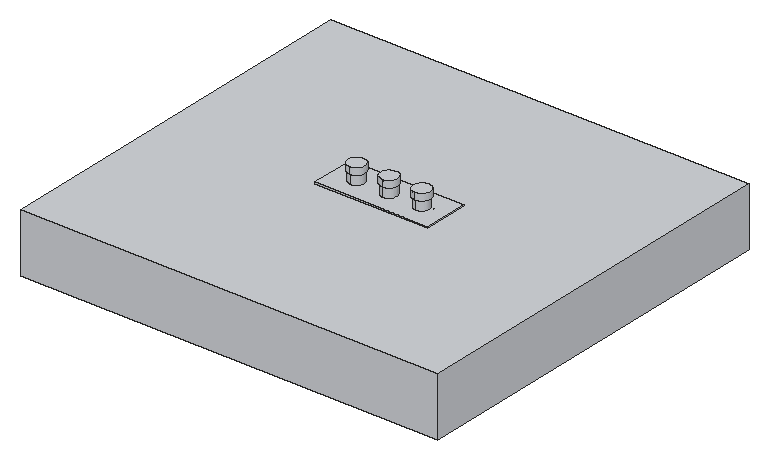
Revit family "M_Conexão de entrada do corpo de bombeiros - 3 vias - Placa nivelada", category Equipamento mecânico, Revit 2019
Family settings
  Hospedeiro = Face
  Cota do conector redondo = Usar raio
  Tipo de parte = Normal
  Número OmniClass = 23.65.70.17.14
  Título OmniClass = Water Fire Fighting Terminals
  ID de item do Seek = Fire Department Inlet Connection - 3 Way - Flush Plate-0000-CAN-ENU
  Corte com vazios quando carregada = Não
  Compartilhado = Não
  Ponto de cálculo do ambiente = Não
Parameters (values of type "65 mmx65 mmx65 mm")
  Raio nominal = 32.5 mm
  Diâmetro nominal = Raio nominal * 2  # 65 mm
  Material da placa de conexão de entrada = none
  Elevação-padrão = 700 mm
Reference planes
  plane 1 "Centro (Frente/Trás)": y = 0
  plane 2: z = 0
  plane 3 "Centro (Esquerda/Direita)": x = 0
  plane 4: z = 6.35
  plane 5: y = 114.3
  plane 6: y = -114.3
  plane 7: x = -168.275
  plane 8: x = 168.275
  plane 9: z = 12.7
  plane 10: z = 63.5
  plane 11: z = 95.25
  plane 12: x = -292.1
  plane 13: x = 292.1
Forms (mm)
  Extrusion 1, solid
    sketch origin (0, 0, 0) x (1, 0, 0) y (0, 1, 0)
      loop
        line (-1089.746, 985.376) -> (-1089.746, -1019.175) -> (1066.171, -1019.175) -> (1066.171, 985.376) -> (-1089.746, 985.376)
    from 0 to -304.8
  Extrusion 2, solid, material <- "Material da placa de conexão de entrada", detail levels fine
    sketch origin (0, 0, 0) x (0, -1, 0) y (1, 0, 0)
      loop
        circle (0, 168.275) r 50.8
      loop
        circle (0, 0) r 50.8
      loop
        circle (0, -168.275) r 50.8
    from 0 to 6.35
  Extrusion 3, solid, material <- "Material da placa de conexão de entrada", detail levels fine
    sketch origin (0, 0, 0) x (0, -1, 0) y (1, 0, 0)
      loop
        circle (0, 168.275) r 38.1
      loop
        circle (0, 0) r 38.1
      loop
        circle (0, -168.275) r 38.1
    from 12.7 to 63.5
  Extrusion 4, solid, material <- "Material da placa de conexão de entrada", detail levels fine
    sketch origin (0, 0, 0) x (0, -1, 0) y (1, 0, 0)
      loop
        circle (0, 168.275) r 44.45
      loop
        circle (0, 0) r 44.45
      loop
        circle (0, -168.275) r 44.45
    from 63.5 to 95.25
  Extrusion 5, solid, material <- "Material da placa de conexão de entrada", detail levels fine
    sketch origin (0, 0, 0) x (1, 0, 0) y (0, 1, 0)
      loop
        line (-292.1, 114.3) -> (-292.1, -114.3) -> (292.1, -114.3) -> (292.1, 114.3) -> (-292.1, 114.3)
    from 6.35 to 12.7
Cuts and joins
  joined: Extrusion 3, Extrusion 4
Lines and regions (mm)
  symbolic lines, detail levels fine
    curve 1: line (-292.1, 0, 12.7) -> (-292.1, 0, 6.35)
    curve 2: line (292.1, 0, 6.35) -> (292.1, 0, 12.7)
  model lines, style "MechanicalEquipment", detail levels coarse+medium
    curve 3: line (292.1, 0, 6.35) -> (-292.1, 0, 6.35)
    curve 4: line (-168.275, 0, 63.5) -> (-168.275, 0, 0)
    curve 5: circle (-168.275, 0, 79.375) r 15.875 normal (0, -1, 0)
    curve 6: line (0, 0, 63.5) -> (0, 0, 0)
    curve 7: circle (0, 0, 79.375) r 15.875 normal (0, -1, 0)
    curve 8: line (168.275, 0, 63.5) -> (168.275, 0, 0)
    curve 9: circle (168.275, 0, 79.375) r 15.875 normal (0, -1, 0)
  symbolic lines, detail levels coarse+medium
    curve 10: line (-292.1, 114.3, 0) -> (292.1, 114.3, 0)
    curve 11: line (-292.1, -114.3, 0) -> (-292.1, 114.3, 0)
    curve 12: line (292.1, -114.3, 0) -> (-292.1, -114.3, 0)
    curve 13: line (292.1, 114.3, 0) -> (292.1, -114.3, 0)
    curve 14: circle (-168.275, 0, 0) r 44.5 normal (0, 0, 1)
    curve 15: circle (0, 0, 0) r 44.5 normal (0, 0, 1)
    curve 16: circle (168.275, 0, 0) r 44.5 normal (0, 0, 1)
    curve 17: circle (0, 0, 79.375) r 15.875 normal (1, 0, 0)
Dimensions and locks
  locked: plane 4 to plane 2 at 6.35
  locked: plane 9 to plane 4 at 6.35
  locked: plane 10 to plane 9 at 50.8
  locked: plane 11 to plane 10 at 31.75
  locked: plane 3 "Centro (Esquerda/Direita)" to plane 8 at 168.275
  locked: plane 7 to plane 3 "Centro (Esquerda/Direita)" at 168.275
  equal spacing: plane 12, plane 3 "Centro (Esquerda/Direita)", plane 13
  equal spacing: plane 5, plane 1 "Centro (Frente/Trás)", plane 6
  locked: plane 12 to plane 3 "Centro (Esquerda/Direita)" at 292.1
  locked: plane 5 to plane 1 "Centro (Frente/Trás)" at 114.3
  radius of curve 14 = 44.5 mm
  radius of curve 15 = 44.5 mm
  radius of curve 16 = 44.5 mm
  radius of curve 17 = 15.875 mm
  aligned and locked: plane 2 to Extrusion 1
  aligned and locked: level to Extrusion 1
  aligned and locked: plane 4 to Extrusion 2  (x3)
  aligned and locked: Extrusion 3 to plane 9
  aligned and locked: plane 10 to Extrusion 3
  aligned and locked: Extrusion 4 to plane 10
  aligned and locked: plane 11 to Extrusion 4
  aligned and locked: plane 11 to cut or joined group of Extrusion 3, Extrusion 4  (x3)
  aligned and locked: plane 7 to Extrusion 2 sketch curve
  aligned and locked: plane 8 to Extrusion 2 sketch curve
  aligned and locked: plane 1 "Centro (Frente/Trás)" to Extrusion 2 sketch curve  (x3)
  aligned and locked: plane 1 "Centro (Frente/Trás)" to Extrusion 4 sketch curve  (x3)
  aligned and locked: plane 7 to Extrusion 4 sketch curve
  aligned and locked: plane 8 to Extrusion 4 sketch curve
  aligned and locked: plane 7 to Extrusion 3 sketch curve
  aligned and locked: plane 1 "Centro (Frente/Trás)" to Extrusion 3 sketch curve  (x3)
  aligned and locked: plane 3 "Centro (Esquerda/Direita)" to Extrusion 3 sketch curve
  aligned and locked: plane 8 to Extrusion 3 sketch curve
  aligned and locked: plane 3 "Centro (Esquerda/Direita)" to Extrusion 2 sketch curve
  aligned and locked: plane 3 "Centro (Esquerda/Direita)" to Extrusion 4 sketch curve
  aligned and locked: plane 12 to Extrusion 5 sketch curve
  aligned and locked: Extrusion 5 sketch curve to plane 5
  aligned and locked: plane 6 to Extrusion 5 sketch curve
  aligned and locked: Extrusion 5 sketch curve to plane 13
  aligned and locked: plane 9 to Extrusion 5
  aligned and locked: Extrusion 5 to Extrusion 2
  aligned and locked: Extrusion 2 to plane 2
  aligned and locked: curve 3 to Extrusion 5
  aligned and locked: plane 13 to Extrusion 5
  aligned and locked: plane 12 to curve 1
  aligned and locked: plane 13 to curve 3
  aligned and locked: plane 12 to curve 3
  aligned and locked: curve 4 to plane 7
  aligned and locked: plane 7 to curve 4
  aligned and locked: Extrusion 1 to curve 4
  aligned and locked: cut or joined group of Extrusion 3, Extrusion 4 to curve 4
  aligned and locked: curve 6 to plane 3 "Centro (Esquerda/Direita)"
  aligned and locked: curve 8 to plane 8
  aligned and locked: cut or joined group of Extrusion 3, Extrusion 4 to curve 6
  aligned and locked: cut or joined group of Extrusion 3, Extrusion 4 to curve 8
  aligned and locked: curve 10 to plane 5
  aligned and locked: plane 12 to curve 11
  aligned and locked: plane 6 to curve 12
  aligned and locked: curve 13 to plane 13
  aligned and locked: plane 7 to curve 14
  aligned and locked: plane 1 "Centro (Frente/Trás)" to curve 14
  aligned and locked: plane 3 "Centro (Esquerda/Direita)" to curve 15
  aligned and locked: plane 1 "Centro (Frente/Trás)" to curve 15
  aligned and locked: plane 8 to curve 16
  aligned and locked: plane 1 "Centro (Frente/Trás)" to curve 16
  aligned and locked: plane 1 "Centro (Frente/Trás)" to curve 17
Automatic sketch dimensions
  curve 5 to plane 7 = 0 mm
  curve 7 to plane 3 "Centro (Esquerda/Direita)" = 0 mm
  curve 8 to level = 0 mm
  curve 9 to plane 8 = 0 mm
  curve 6 to level = 0 mm
  curve 2 to plane 9 = 0 mm
  curve 1 to plane 9 = 0 mm
  plane 10 to curve 9 = 15.875 mm
  plane 10 to curve 7 = 15.875 mm
  curve 4 to curve 5 = 15.875 mm
  Extrusion 1 sketch curve to Extrusion 1 sketch curve = 2155.916 mm
  Extrusion 1 sketch curve to Extrusion 1 sketch curve = 2004.551 mm
  plane 10 to curve 17 = 15.875 mm
  radius of Extrusion 2 sketch curve = 50.8 mm  (x3)
  radius of Extrusion 3 sketch curve = 38.1 mm  (x3)
  radius of Extrusion 4 sketch curve = 44.45 mm  (x3)
Connectors
  piping at (-168.275, 0, 0), diameter 65, driven by "Raio nominal"
    settings: on Extrusion 2, index 1, connector inside diameter 65 mm, connector length 0 mm, flow factor 0, pipe flow 0.0 L/s, pressure drop 0.0 Pa, fitting loss kfactor 0, connector angle 0.00°, fixture units 0, engagement length 0 mm, angle of deflection 0.00°, flow configuration 1, flow direction 2, fitting loss method 0, system type 29, joint type 0, gender type 0, connector reference index -1, connector utility 0, adjustable connector no, is connector primary yes, connector description "Saída"
  piping at (0, 0, 0), diameter 65, driven by "Raio nominal"
    settings: on Extrusion 2, index 2, connector inside diameter 65 mm, connector length 0 mm, flow factor 0, pipe flow 0.0 L/s, pressure drop 0.0 Pa, fitting loss kfactor 0, connector angle 0.00°, fixture units 0, engagement length 0 mm, angle of deflection 0.00°, flow configuration 1, flow direction 2, fitting loss method 0, system type 29, joint type 0, gender type 0, connector reference index -1, connector utility 0, adjustable connector no, is connector primary no, connector description "Saída"
  piping at (168.275, 0, 0), diameter 65, driven by "Raio nominal"
    settings: on Extrusion 2, index 3, connector inside diameter 65 mm, connector length 0 mm, flow factor 0, pipe flow 0.0 L/s, pressure drop 0.0 Pa, fitting loss kfactor 0, connector angle 0.00°, fixture units 0, engagement length 0 mm, angle of deflection 0.00°, flow configuration 1, flow direction 2, fitting loss method 0, system type 29, joint type 0, gender type 0, connector reference index -1, connector utility 0, adjustable connector no, is connector primary no, connector description "Saída"
